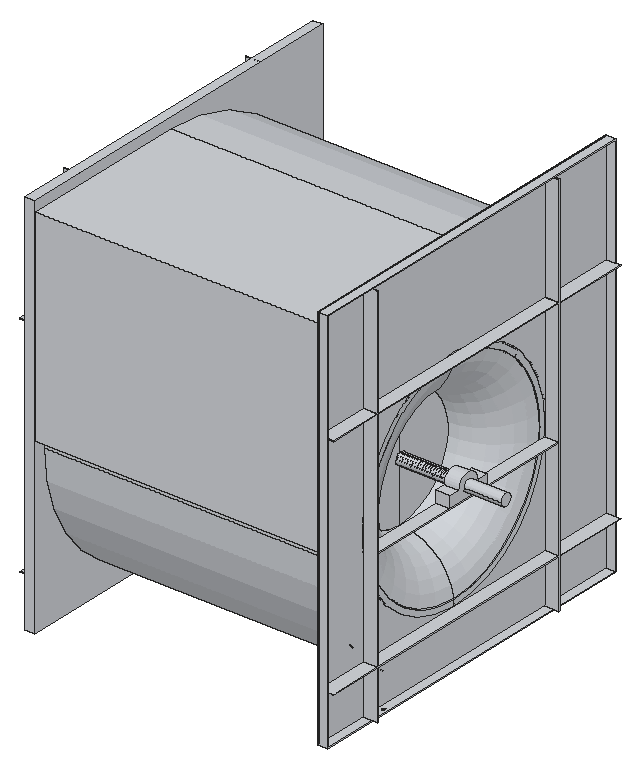
Revit family "CA-4_DWDI_ARR_3_CCW_THD", category Mechanical Equipment, Revit 2019
Family settings
  Round Connector Dimension = Use Radius
  Part Type = Normal
  Work Plane-Based = No
  Always vertical = Yes
  Cut with Voids When Loaded = No
  Shared = No
  Room Calculation Point = No
Parameters (values of type "600_CA-4_DWDI_ARR_3_CCW_THD_CLASS_1")
  T/2 = T / 2  # 17/32"
  T = 1 1/16"
  S = 32"
  P/2 = P / 2  # 44 7/8"
  P = 89 3/4"
  O = 44 7/8"
  N/2 = N / 2  # 1 23/32"
  N*2 = N * 2  # 6 7/8"
  N = 3 7/16"
  ModelID [instance] = ""
  M = 13"
  L = 107 1/2"
  J-.125" = J - 1/8"  # 2 7/8"
  J*1.5 = J * 1.5  # 4 1/2"
  INLET_RAD+1.5" = INLET_RAD + 1 1/2"  # 34 1/2"
  E-(INLET_RAD+1.5") = E - (INLET_RAD + 1 1/2")  # 15 1/4"
  E+(INLET_RAD+1.5") = E + (INLET_RAD + 1 1/2")  # 84 1/4"
  Accessories [instance] = ""
  -M = -M  # -13"
  -J*1.5 = -J * 1.5  # -4 1/2"
  J = 3"
  Unit Weight [instance] = ""
  INLET_RAD/2 = INLET_RAD / 2  # 16 1/2"
  INLET_RAD = INLET_DIA / 2  # 33"
  INLET_DIA = 66"
  H = 3"
  G = 51 5/8"
  Sones [instance] = ""
  F/8 = F / 8  # 13 45/64"
  F/2 = F / 2  # 54 13/16"
  F = 109 5/8"
  Motor RPM [instance] = ""
  Motor Enclosure [instance] = ""
  LwA [instance] = ""
  Fan RPM [instance] = ""
  E = 49 3/4"
  D/2 = D / 2  # 59 1/16"
  D = 118 1/8"
  B/2 = B / 2  # 43 1/8"
  B+.25" = B + 1/4"  # 86 1/2"
  B = 86 1/4"
  A+.25" = A + 1/4"  # 62 7/16"
  A = 62 3/16"
  3" = 3"  # constant formula
  Brake Hp [instance] = ""
  4" = 4"  # constant formula
  2' = 24"
  2" = 2"  # constant formula
  1" = 1"  # constant formula
  0 = 0"  # constant formula
  Voltage [instance] = 0 V
  URL = "www.lorencook.com"
  Type Comments = "Airfoil Centrifugal Blower Arrangement 3 Counter-Clockwise Top Horizontal Discharge"  # constant formula
  Static Pressure [instance] = 0.00 in-wg
  Power [instance] = Voltage * Motor FLA * sqrt(if(Phase = 3, 3, 1))  # 0 VA
  Phase [instance] = 0
  Number of Poles [instance] = 1
  Motor Hp [instance] = "0"
  Motor FLA [instance] = 0 A
  Model = "CA-4 DWDI CCW THD Class 1"
  Manufacturer = "Loren Cook Company"
  CFM [instance] = 0 CFM
  1.5 = 1 1/2"  # constant formula
  ONE EIGTH = 1/8"  # constant formula
  -L+M = -L + M  # -94 1/2"
  -B = -B  # -86 1/4"
  -(B/2)-J = -(B / 2) - J  # -46 1/8"
  -B/2 = -B / 2  # -43 1/8"
  (F/2)-S = (F / 2) - S  # 22 13/16"
  (B/2)+J = (B / 2) + J  # 46 1/8"
Types (55): name | T/2 | T | S | P/2 | P | O | N/2 | N*2 | N | M | L | J-.125" | J*1.5 | INLET_RAD+1.5" | E-(INLET_RAD+1.5") | E+(INLET_RAD+1.5") | -M | -J*1.5 | J | INLET_RAD/2 | INLET_RAD | INLET_DIA | H | G | F/8 | F/2 | F | E | D/2 | D | B/2 | B+.25" | B | A+.25" | A | Model | -L+M | -B | -(B/2)-J | -B/2 | (F/2)-S | (B/2)+J
  (no name) | 17/32" | 1 1/16" | 32" | 44 7/8" | 89 3/4" | 44 7/8" | 1 23/32" | 6 7/8" | 3 7/16" | 13" | 107 1/2" | 2 7/8" | 4 1/2" | 34 1/2" | 15 1/4" | 84 1/4" | -13" | -4 1/2" | 3" | 16 1/2" | 33" | 66" | 3" | 51 5/8" | 13 45/64" | 54 13/16" | 109 5/8" | 49 3/4" | 59 1/16" | 118 1/8" | 43 1/8" | 86 1/2" | 86 1/4" | 62 7/16" | 62 3/16" | "CA-4 DWDI CCW THD Class 1" | -94 1/2" | -86 1/4" | -46 1/8" | -43 1/8" | 22 13/16" | 46 1/8"
  120_CA-4_DWDI_ARR_3_CCW_THD_CLASS_1 | 11/32" | 11/16" | 7 1/2" | 9 31/32" | 19 15/16" | 9 31/32" | 23/32" | 2 7/8" | 1 7/16" | 5 3/4" | 28 11/16" | 1 7/8" | 3" | 9 5/8" | 1 1/8" | 20 3/8" | -5 3/4" | -3" | 2" | 4 1/16" | 8 1/8" | 16 1/4" | 2" | 10 3/8" | 2 27/32" | 11 3/8" | 22 3/4" | 10 3/4" | 12 31/32" | 25 15/16" | 8 27/32" | 17 15/16" | 17 11/16" | 12 3/8" | 12 1/8" | "CA-4 DWDI CCW THD Class 1" | -22 15/16" | -17 11/16" | -10 27/32" | -8 27/32" | 3 7/8" | 10 27/32"
  120_CA-4_DWDI_ARR_3_CCW_THD_CLASS_2 | 11/32" | 11/16" | 7 1/2" | 9 31/32" | 19 15/16" | 9 31/32" | 27/32" | 3 3/8" | 1 11/16" | 6 1/8" | 29 7/16" | 1 7/8" | 3" | 9 5/8" | 1 1/8" | 20 3/8" | -6 1/8" | -3" | 2" | 4 1/16" | 8 1/8" | 16 1/4" | 2" | 10 3/8" | 2 27/32" | 11 3/8" | 22 3/4" | 10 3/4" | 12 31/32" | 25 15/16" | 8 27/32" | 17 15/16" | 17 11/16" | 12 3/8" | 12 1/8" | "CA-4 DWDI CCW THD Class 2" | -23 5/16" | -17 11/16" | -10 27/32" | -8 27/32" | 3 7/8" | 10 27/32"
  120_CA-4_DWDI_ARR_3_CCW_THD_CLASS_3 | 11/32" | 11/16" | 7 1/2" | 9 31/32" | 19 15/16" | 9 31/32" | 31/32" | 3 7/8" | 1 15/16" | 6 3/8" | 29 15/16" | 1 7/8" | 3" | 9 5/8" | 1 1/8" | 20 3/8" | -6 3/8" | -3" | 2" | 4 1/16" | 8 1/8" | 16 1/4" | 2" | 10 3/8" | 2 27/32" | 11 3/8" | 22 3/4" | 10 3/4" | 12 31/32" | 25 15/16" | 8 27/32" | 17 15/16" | 17 11/16" | 12 3/8" | 12 1/8" | "CA-4 DWDI CCW THD Class 3" | -23 9/16" | -17 11/16" | -10 27/32" | -8 27/32" | 3 7/8" | 10 27/32"
  135_CA-4_DWDI_ARR_3_CCW_THD_CLASS_1 | 11/32" | 11/16" | 8 1/2" | 11 3/32" | 22 3/16" | 11 3/32" | 23/32" | 2 7/8" | 1 7/16" | 5 3/4" | 30 15/16" | 1 7/8" | 3" | 10 3/8" | 1 5/8" | 22 3/8" | -5 3/4" | -3" | 2" | 4 7/16" | 8 7/8" | 17 3/4" | 2" | 11 5/8" | 3 3/16" | 12 3/4" | 25 1/2" | 12" | 14 13/32" | 28 13/16" | 9 31/32" | 20 3/16" | 19 15/16" | 13 7/8" | 13 5/8" | "CA-4 DWDI CCW THD Class 1" | -25 3/16" | -19 15/16" | -11 31/32" | -9 31/32" | 4 1/4" | 11 31/32"
  135_CA-4_DWDI_ARR_3_CCW_THD_CLASS_2 | 11/32" | 11/16" | 8 1/2" | 11 3/32" | 22 3/16" | 11 3/32" | 27/32" | 3 3/8" | 1 11/16" | 6 1/8" | 31 11/16" | 1 7/8" | 3" | 10 3/8" | 1 5/8" | 22 3/8" | -6 1/8" | -3" | 2" | 4 7/16" | 8 7/8" | 17 3/4" | 2" | 11 5/8" | 3 3/16" | 12 3/4" | 25 1/2" | 12" | 14 13/32" | 28 13/16" | 9 31/32" | 20 3/16" | 19 15/16" | 13 7/8" | 13 5/8" | "CA-4 DWDI CCW THD Class 2" | -25 9/16" | -19 15/16" | -11 31/32" | -9 31/32" | 4 1/4" | 11 31/32"
  135_CA-4_DWDI_ARR_3_CCW_THD_CLASS_3 | 11/32" | 11/16" | 8 1/2" | 11 3/32" | 22 3/16" | 11 3/32" | 1 3/32" | 4 3/8" | 2 3/16" | 6 5/8" | 32 11/16" | 1 7/8" | 3" | 10 3/8" | 1 5/8" | 22 3/8" | -6 5/8" | -3" | 2" | 4 7/16" | 8 7/8" | 17 3/4" | 2" | 11 5/8" | 3 3/16" | 12 3/4" | 25 1/2" | 12" | 14 13/32" | 28 13/16" | 9 31/32" | 20 3/16" | 19 15/16" | 13 7/8" | 13 5/8" | "CA-4 DWDI CCW THD Class 3" | -26 1/16" | -19 15/16" | -11 31/32" | -9 31/32" | 4 1/4" | 11 31/32"
  150_CA-4_DWDI_ARR_3_CCW_THD_CLASS_1 | 11/32" | 11/16" | 9" | 12 1/8" | 24 1/4" | 12 1/8" | 27/32" | 3 3/8" | 1 11/16" | 6 5/8" | 34 1/4" | 1 7/8" | 3" | 11 1/8" | 2 1/8" | 24 3/8" | -6 5/8" | -3" | 2" | 4 13/16" | 9 5/8" | 19 1/4" | 2" | 12 7/8" | 3 33/64" | 14 1/16" | 28 1/8" | 13 1/4" | 15 27/32" | 31 11/16" | 11" | 22 1/4" | 22" | 15 1/2" | 15 1/4" | "CA-4 DWDI CCW THD Class 1" | -27 5/8" | -22" | -13" | -11" | 5 1/16" | 13"
  150_CA-4_DWDI_ARR_3_CCW_THD_CLASS_2 | 11/32" | 11/16" | 9" | 12 1/8" | 24 1/4" | 12 1/8" | 31/32" | 3 7/8" | 1 15/16" | 6 7/8" | 34 3/4" | 1 7/8" | 3" | 11 1/8" | 2 1/8" | 24 3/8" | -6 7/8" | -3" | 2" | 4 13/16" | 9 5/8" | 19 1/4" | 2" | 12 7/8" | 3 33/64" | 14 1/16" | 28 1/8" | 13 1/4" | 15 27/32" | 31 11/16" | 11" | 22 1/4" | 22" | 15 1/2" | 15 1/4" | "CA-4 DWDI CCW THD Class 2" | -27 7/8" | -22" | -13" | -11" | 5 1/16" | 13"
  150_CA-4_DWDI_ARR_3_CCW_THD_CLASS_3 | 11/32" | 11/16" | 9" | 12 1/8" | 24 1/4" | 12 1/8" | 1 7/32" | 4 7/8" | 2 7/16" | 7 1/4" | 35 1/2" | 1 7/8" | 3" | 11 1/8" | 2 1/8" | 24 3/8" | -7 1/4" | -3" | 2" | 4 13/16" | 9 5/8" | 19 1/4" | 2" | 12 7/8" | 3 33/64" | 14 1/16" | 28 1/8" | 13 1/4" | 15 27/32" | 31 11/16" | 11" | 22 1/4" | 22" | 15 1/2" | 15 1/4" | "CA-4 DWDI CCW THD Class 3" | -28 1/4" | -22" | -13" | -11" | 5 1/16" | 13"
  165_CA-4_DWDI_ARR_3_CCW_THD_CLASS_1 | 11/32" | 11/16" | 10" | 13 1/8" | 26 1/4" | 13 1/8" | 27/32" | 3 3/8" | 1 11/16" | 6 5/8" | 36 1/4" | 1 7/8" | 3" | 12 1/8" | 2 1/4" | 26 1/2" | -6 5/8" | -3" | 2" | 5 5/16" | 10 5/8" | 21 1/4" | 2" | 14 1/4" | 3 55/64" | 15 7/16" | 30 7/8" | 14 3/8" | 17 7/32" | 34 7/16" | 12" | 24 1/4" | 24" | 17 3/16" | 16 15/16" | "CA-4 DWDI CCW THD Class 1" | -29 5/8" | -24" | -14" | -12" | 5 7/16" | 14"
  165_CA-4_DWDI_ARR_3_CCW_THD_CLASS_2 | 11/32" | 11/16" | 10" | 13 1/8" | 26 1/4" | 13 1/8" | 31/32" | 3 7/8" | 1 15/16" | 6 7/8" | 36 3/4" | 1 7/8" | 3" | 12 1/8" | 2 1/4" | 26 1/2" | -6 7/8" | -3" | 2" | 5 5/16" | 10 5/8" | 21 1/4" | 2" | 14 1/4" | 3 55/64" | 15 7/16" | 30 7/8" | 14 3/8" | 17 7/32" | 34 7/16" | 12" | 24 1/4" | 24" | 17 3/16" | 16 15/16" | "CA-4 DWDI CCW THD Class 2" | -29 7/8" | -24" | -14" | -12" | 5 7/16" | 14"
  165_CA-4_DWDI_ARR_3_CCW_THD_CLASS_3 | 11/32" | 11/16" | 10" | 13 1/8" | 26 1/4" | 13 1/8" | 1 7/32" | 4 7/8" | 2 7/16" | 7 3/16" | 37 1/2" | 1 7/8" | 3" | 12 1/8" | 2 1/4" | 26 1/2" | -7 3/16" | -3" | 2" | 5 5/16" | 10 5/8" | 21 1/4" | 2" | 14 1/4" | 3 55/64" | 15 7/16" | 30 7/8" | 14 3/8" | 17 7/32" | 34 7/16" | 12" | 24 1/4" | 24" | 17 3/16" | 16 15/16" | "CA-4 DWDI CCW THD Class 3" | -30 5/16" | -24" | -14" | -12" | 5 7/16" | 14"
  180_CA-4_DWDI_ARR_3_CCW_THD_CLASS_1 | 11/32" | 11/16" | 11" | 14 5/32" | 28 5/16" | 14 5/32" | 27/32" | 3 3/8" | 1 11/16" | 7 1/8" | 38 13/16" | 1 7/8" | 3" | 12 7/8" | 2 3/4" | 28 1/2" | -7 1/8" | -3" | 2" | 5 11/16" | 11 3/8" | 22 3/4" | 2" | 15 1/2" | 4 13/64" | 16 13/16" | 33 5/8" | 15 5/8" | 18 21/32" | 37 5/16" | 13 1/32" | 26 5/16" | 26 1/16" | 18 3/4" | 18 1/2" | "CA-4 DWDI CCW THD Class 1" | -31 11/16" | -26 1/16" | -15 1/32" | -13 1/32" | 5 13/16" | 15 1/32"
  180_CA-4_DWDI_ARR_3_CCW_THD_CLASS_2 | 11/32" | 11/16" | 11" | 14 5/32" | 28 5/16" | 14 5/32" | 31/32" | 3 7/8" | 1 15/16" | 7 3/8" | 39 5/16" | 1 7/8" | 3" | 12 7/8" | 2 3/4" | 28 1/2" | -7 3/8" | -3" | 2" | 5 11/16" | 11 3/8" | 22 3/4" | 2" | 15 1/2" | 4 13/64" | 16 13/16" | 33 5/8" | 15 5/8" | 18 21/32" | 37 5/16" | 13 1/32" | 26 5/16" | 26 1/16" | 18 3/4" | 18 1/2" | "CA-4 DWDI CCW THD Class 2" | -31 15/16" | -26 1/16" | -15 1/32" | -13 1/32" | 5 13/16" | 15 1/32"
  180_CA-4_DWDI_ARR_3_CCW_THD_CLASS_3 | 11/32" | 11/16" | 11" | 14 5/32" | 28 5/16" | 14 5/32" | 1 7/32" | 4 7/8" | 2 7/16" | 7 3/4" | 40 1/16" | 1 7/8" | 3" | 12 7/8" | 2 3/4" | 28 1/2" | -7 3/4" | -3" | 2" | 5 11/16" | 11 3/8" | 22 3/4" | 2" | 15 1/2" | 4 13/64" | 16 13/16" | 33 5/8" | 15 5/8" | 18 21/32" | 37 5/16" | 13 1/32" | 26 5/16" | 26 1/16" | 18 3/4" | 18 1/2" | "CA-4 DWDI CCW THD Class 3" | -32 5/16" | -26 1/16" | -15 1/32" | -13 1/32" | 5 13/16" | 15 1/32"
  195_CA-4_DWDI_ARR_3_CCW_THD_CLASS_1 | 11/32" | 11/16" | 11 1/2" | 15 11/32" | 30 11/16" | 15 11/32" | 31/32" | 3 7/8" | 1 15/16" | 7 1/4" | 41 11/16" | 1 7/8" | 3" | 13 5/8" | 3 1/8" | 30 3/8" | -7 1/4" | -3" | 2" | 6 1/16" | 12 1/8" | 24 1/4" | 2" | 16 3/4" | 4 17/32" | 18 1/8" | 36 1/4" | 16 3/4" | 20 1/32" | 40 1/16" | 14 7/32" | 28 11/16" | 28 7/16" | 19 3/4" | 19 1/2" | "CA-4 DWDI CCW THD Class 1" | -34 7/16" | -28 7/16" | -16 7/32" | -14 7/32" | 6 5/8" | 16 7/32"
  195_CA-4_DWDI_ARR_3_CCW_THD_CLASS_2 | 11/32" | 11/16" | 11 1/2" | 15 11/32" | 30 11/16" | 15 11/32" | 1 3/32" | 4 3/8" | 2 3/16" | 7 5/8" | 42 3/16" | 1 7/8" | 3" | 13 5/8" | 3 1/8" | 30 3/8" | -7 5/8" | -3" | 2" | 6 1/16" | 12 1/8" | 24 1/4" | 2" | 16 3/4" | 4 17/32" | 18 1/8" | 36 1/4" | 16 3/4" | 20 1/32" | 40 1/16" | 14 7/32" | 28 11/16" | 28 7/16" | 19 3/4" | 19 1/2" | "CA-4 DWDI CCW THD Class 2" | -34 9/16" | -28 7/16" | -16 7/32" | -14 7/32" | 6 5/8" | 16 7/32"
  195_CA-4_DWDI_ARR_3_CCW_THD_CLASS_3 | 11/32" | 11/16" | 11 1/2" | 15 11/32" | 30 11/16" | 15 11/32" | 1 11/32" | 5 3/8" | 2 11/16" | 8" | 42 15/16" | 1 7/8" | 3" | 13 5/8" | 3 1/8" | 30 3/8" | -8" | -3" | 2" | 6 1/16" | 12 1/8" | 24 1/4" | 2" | 16 3/4" | 4 17/32" | 18 1/8" | 36 1/4" | 16 3/4" | 20 1/32" | 40 1/16" | 14 7/32" | 28 11/16" | 28 7/16" | 19 3/4" | 19 1/2" | "CA-4 DWDI CCW THD Class 3" | -34 15/16" | -28 7/16" | -16 7/32" | -14 7/32" | 6 5/8" | 16 7/32"
  210_CA-4_DWDI_ARR_3_CCW_THD_CLASS_1 | 15/32" | 15/16" | 12" | 16 5/16" | 32 5/8" | 6 5/16" | 31/32" | 3 7/8" | 1 15/16" | 7 7/8" | 44 1/8" | 1 7/8" | 3" | 14 1/2" | 3 1/2" | 32 1/2" | -7 7/8" | -3" | 2" | 6 1/2" | 13" | 26" | 2" | 18 1/8" | 4 57/64" | 19 9/16" | 39 1/8" | 18" | 21 15/32" | 42 15/16" | 15 3/16" | 30 5/8" | 30 3/8" | 21 7/8" | 21 5/8" | "CA-4 DWDI CCW THD Class 1" | -36 1/4" | -30 3/8" | -17 3/16" | -15 3/16" | 7 9/16" | 17 3/16"
  210_CA-4_DWDI_ARR_3_CCW_THD_CLASS_2 | 15/32" | 15/16" | 12" | 16 5/16" | 32 5/8" | 6 5/16" | 1 3/32" | 4 3/8" | 2 3/16" | 8 1/8" | 44 5/8" | 1 7/8" | 3" | 14 1/2" | 3 1/2" | 32 1/2" | -8 1/8" | -3" | 2" | 6 1/2" | 13" | 26" | 2" | 18 1/8" | 4 57/64" | 19 9/16" | 39 1/8" | 18" | 21 15/32" | 42 15/16" | 15 3/16" | 30 5/8" | 30 3/8" | 21 7/8" | 21 5/8" | "CA-4 DWDI CCW THD Class 2" | -36 1/2" | -30 3/8" | -17 3/16" | -15 3/16" | 7 9/16" | 17 3/16"
  210_CA-4_DWDI_ARR_3_CCW_THD_CLASS_3 | 15/32" | 15/16" | 12" | 16 5/16" | 32 5/8" | 6 5/16" | 1 11/32" | 5 3/8" | 2 11/16" | 8 1/2" | 45 3/8" | 1 7/8" | 3" | 14 1/2" | 3 1/2" | 32 1/2" | -8 1/2" | -3" | 2" | 6 1/2" | 13" | 26" | 2" | 18 1/8" | 4 57/64" | 19 9/16" | 39 1/8" | 18" | 21 15/32" | 42 15/16" | 15 3/16" | 30 5/8" | 30 3/8" | 21 7/8" | 21 5/8" | "CA-4 DWDI CCW THD Class 3" | -36 7/8" | -30 3/8" | -17 3/16" | -15 3/16" | 7 9/16" | 17 3/16"
  225_CA-4_DWDI_ARR_3_CCW_THD_CLASS_1 | 15/32" | 15/16" | 12 1/2" | 17 3/8" | 34 3/4" | 17 3/8" | 31/32" | 3 7/8" | 1 15/16" | 7 7/8" | 46 1/4" | 1 7/8" | 3" | 15 1/4" | 4" | 34 1/2" | -7 7/8" | -3" | 2" | 6 7/8" | 13 3/4" | 27 1/2" | 2" | 19 3/8" | 5 7/32" | 20 7/8" | 41 3/4" | 19 1/4" | 22 29/32" | 45 13/16" | 16 1/4" | 32 3/4" | 32 1/2" | 23 7/16" | 23 3/16" | "CA-4 DWDI CCW THD Class 1" | -38 3/8" | -32 1/2" | -18 1/4" | -16 1/4" | 8 3/8" | 18 1/4"
  225_CA-4_DWDI_ARR_3_CCW_THD_CLASS_2 | 15/32" | 15/16" | 12 1/2" | 17 3/8" | 34 3/4" | 17 3/8" | 1 7/32" | 4 7/8" | 2 7/16" | 8 1/4" | 47" | 1 7/8" | 3" | 15 1/4" | 4" | 34 1/2" | -8 1/4" | -3" | 2" | 6 7/8" | 13 3/4" | 27 1/2" | 2" | 19 3/8" | 5 7/32" | 20 7/8" | 41 3/4" | 19 1/4" | 22 29/32" | 45 13/16" | 16 1/4" | 32 3/4" | 32 1/2" | 23 7/16" | 23 3/16" | "CA-4 DWDI CCW THD Class 2" | -38 3/4" | -32 1/2" | -18 1/4" | -16 1/4" | 8 3/8" | 18 1/4"
  225_CA-4_DWDI_ARR_3_CCW_THD_CLASS_3 | 15/32" | 15/16" | 12 1/2" | 17 3/8" | 34 3/4" | 17 3/8" | 1 15/32" | 5 7/8" | 2 15/16" | 8 1/2" | 47 1/2" | 1 7/8" | 3" | 15 1/4" | 4" | 34 1/2" | -8 1/2" | -3" | 2" | 6 7/8" | 13 3/4" | 27 1/2" | 2" | 19 3/8" | 5 7/32" | 20 7/8" | 41 3/4" | 19 1/4" | 22 29/32" | 45 13/16" | 16 1/4" | 32 3/4" | 32 1/2" | 23 7/16" | 23 3/16" | "CA-4 DWDI CCW THD Class 3" | -39" | -32 1/2" | -18 1/4" | -16 1/4" | 8 3/8" | 18 1/4"
  245_CA-4_DWDI_ARR_3_CCW_THD_CLASS_1 | 15/32" | 15/16" | 12 1/2" | 18 21/32" | 37 5/16" | 18 21/32" | 1 3/32" | 4 3/8" | 2 3/16" | 8 5/8" | 49 13/16" | 1 7/8" | 3" | 16 1/4" | 4 5/8" | 37 1/8" | -8 5/8" | -3" | 2" | 7 3/8" | 14 3/4" | 29 1/2" | 2" | 21 1/8" | 5 43/64" | 22 11/16" | 45 3/8" | 20 7/8" | 24 13/16" | 49 5/8" | 17 17/32" | 35 5/16" | 35 1/16" | 25 3/4" | 25 1/2" | "CA-4 DWDI CCW THD Class 1" | -41 3/16" | -35 1/16" | -19 17/32" | -17 17/32" | 10 3/16" | 19 17/32"
  245_CA-4_DWDI_ARR_3_CCW_THD_CLASS_2 | 15/32" | 15/16" | 12 1/2" | 18 21/32" | 37 5/16" | 18 21/32" | 1 7/32" | 4 7/8" | 2 7/16" | 8 3/4" | 50 1/16" | 1 7/8" | 3" | 16 1/4" | 4 5/8" | 37 1/8" | -8 3/4" | -3" | 2" | 7 3/8" | 14 3/4" | 29 1/2" | 2" | 21 1/8" | 5 43/64" | 22 11/16" | 45 3/8" | 20 7/8" | 24 13/16" | 49 5/8" | 17 17/32" | 35 5/16" | 35 1/16" | 25 3/4" | 25 1/2" | "CA-4 DWDI CCW THD Class 2" | -41 5/16" | -35 1/16" | -19 17/32" | -17 17/32" | 10 3/16" | 19 17/32"
  245_CA-4_DWDI_ARR_3_CCW_THD_CLASS_3 | 15/32" | 15/16" | 12 1/2" | 18 21/32" | 37 5/16" | 18 21/32" | 1 3/32" | 4 3/8" | 2 3/16" | 8 3/4" | 50 11/16" | 1 7/8" | 3" | 16 1/4" | 4 5/8" | 37 1/8" | -8 3/4" | -3" | 2" | 7 3/8" | 14 3/4" | 29 1/2" | 2" | 21 1/8" | 5 43/64" | 22 11/16" | 45 3/8" | 20 7/8" | 24 13/16" | 49 5/8" | 17 17/32" | 35 5/16" | 35 1/16" | 25 3/4" | 25 1/2" | "CA-4 DWDI CCW THD Class 3" | -41 15/16" | -35 1/16" | -19 17/32" | -17 17/32" | 10 3/16" | 19 17/32"
  270_CA-4_DWDI_ARR_3_CCW_THD_CLASS_1 | 15/32" | 15/16" | 15" | 20 27/32" | 41 11/16" | 20 27/32" | 1 3/32" | 4 3/8" | 2 3/16" | 8 5/8" | 54 3/16" | 1 7/8" | 3" | 17 1/2" | 5 7/8" | 40 7/8" | -8 5/8" | -3" | 2" | 8" | 16" | 32" | 2" | 23 1/4" | 6 15/64" | 24 15/16" | 49 7/8" | 23 3/8" | 27 7/16" | 54 7/8" | 19 23/32" | 39 11/16" | 39 7/16" | 27 3/4" | 27 1/2" | "CA-4 DWDI CCW THD Class 1" | -45 9/16" | -39 7/16" | -21 23/32" | -19 23/32" | 9 15/16" | 21 23/32"
  270_CA-4_DWDI_ARR_3_CCW_THD_CLASS_2 | 15/32" | 15/16" | 15" | 20 27/32" | 41 11/16" | 20 27/32" | 1 11/32" | 5 3/8" | 2 11/16" | 9" | 54 15/16" | 1 7/8" | 3" | 17 1/2" | 5 7/8" | 40 7/8" | -9" | -3" | 2" | 8" | 16" | 32" | 2" | 23 1/4" | 6 15/64" | 24 15/16" | 49 7/8" | 23 3/8" | 27 7/16" | 54 7/8" | 19 23/32" | 39 11/16" | 39 7/16" | 27 3/4" | 27 1/2" | "CA-4 DWDI CCW THD Class 2" | -45 15/16" | -39 7/16" | -21 23/32" | -19 23/32" | 9 15/16" | 21 23/32"
  270_CA-4_DWDI_ARR_3_CCW_THD_CLASS_3 | 15/32" | 15/16" | 15" | 20 27/32" | 41 11/16" | 20 27/32" | 1 3/32" | 4 3/8" | 2 3/16" | 8 3/4" | 55 1/16" | 1 7/8" | 3" | 17 1/2" | 5 7/8" | 40 7/8" | -8 3/4" | -3" | 2" | 8" | 16" | 32" | 2" | 23 1/4" | 6 15/64" | 24 15/16" | 49 7/8" | 23 3/8" | 27 7/16" | 54 7/8" | 19 23/32" | 39 11/16" | 39 7/16" | 27 3/4" | 27 1/2" | "CA-4 DWDI CCW THD Class 3" | -46 5/16" | -39 7/16" | -21 23/32" | -19 23/32" | 9 15/16" | 21 23/32"
  300_CA-4_DWDI_ARR_3_CCW_THD_CLASS_1 | 15/32" | 15/16" | 16 1/2" | 22 5/8" | 45 1/4" | 22 5/8" | 1 7/32" | 4 7/8" | 2 7/16" | 9 1/4" | 58 1/2" | 1 7/8" | 3" | 19" | 6 3/8" | 44 3/8" | -9 1/4" | -3" | 2" | 8 3/4" | 17 1/2" | 35" | 2" | 25 7/8" | 6 59/64" | 27 11/16" | 55 3/8" | 25 3/8" | 30 1/16" | 60 1/8" | 21 1/2" | 43 1/4" | 43" | 31 7/16" | 31 3/16" | "CA-4 DWDI CCW THD Class 1" | -49 1/4" | -43" | -23 1/2" | -21 1/2" | 11 3/16" | 23 1/2"
  300_CA-4_DWDI_ARR_3_CCW_THD_CLASS_2 | 15/32" | 15/16" | 16 1/2" | 22 5/8" | 45 1/4" | 22 5/8" | 1 11/32" | 5 3/8" | 2 11/16" | 9 1/2" | 59" | 1 7/8" | 3" | 19" | 6 3/8" | 44 3/8" | -9 1/2" | -3" | 2" | 8 3/4" | 17 1/2" | 35" | 2" | 25 7/8" | 6 59/64" | 27 11/16" | 55 3/8" | 25 3/8" | 30 1/16" | 60 1/8" | 21 1/2" | 43 1/4" | 43" | 31 7/16" | 31 3/16" | "CA-4 DWDI CCW THD Class 2" | -49 1/2" | -43" | -23 1/2" | -21 1/2" | 11 3/16" | 23 1/2"
  300_CA-4_DWDI_ARR_3_CCW_THD_CLASS_3 | 15/32" | 15/16" | 16 1/2" | 22 5/8" | 45 1/4" | 22 5/8" | 1 7/32" | 4 7/8" | 2 7/16" | 9 1/2" | 59 3/8" | 1 7/8" | 3" | 19" | 6 3/8" | 44 3/8" | -9 1/2" | -3" | 2" | 8 3/4" | 17 1/2" | 35" | 2" | 25 7/8" | 6 59/64" | 27 11/16" | 55 3/8" | 25 3/8" | 30 1/16" | 60 1/8" | 21 1/2" | 43 1/4" | 43" | 31 7/16" | 31 3/16" | "CA-4 DWDI CCW THD Class 3" | -49 7/8" | -43" | -23 1/2" | -21 1/2" | 11 3/16" | 23 1/2"
  330_CA-4_DWDI_ARR_3_CCW_THD_CLASS_1 | 15/32" | 15/16" | 18" | 24 21/32" | 49 5/16" | 24 21/32" | 1 11/32" | 5 3/8" | 2 11/16" | 10 1/16" | 63 9/16" | 1 7/8" | 3" | 20 1/2" | 7 3/8" | 48 3/8" | -10 1/16" | -3" | 2" | 9 1/2" | 19" | 38" | 2" | 28 3/8" | 7 19/32" | 30 3/8" | 60 3/4" | 27 7/8" | 32 31/32" | 65 15/16" | 23 17/32" | 47 5/16" | 47 1/16" | 34 3/4" | 34 1/2" | "CA-4 DWDI CCW THD Class 1" | -53 1/2" | -47 1/16" | -25 17/32" | -23 17/32" | 12 3/8" | 25 17/32"
  330_CA-4_DWDI_ARR_3_CCW_THD_CLASS_2 | 15/32" | 15/16" | 18" | 24 21/32" | 49 5/16" | 24 21/32" | 1 3/32" | 4 3/8" | 2 3/16" | 9 5/8" | 63 11/16" | 1 7/8" | 3" | 20 1/2" | 7 3/8" | 48 3/8" | -9 5/8" | -3" | 2" | 9 1/2" | 19" | 38" | 2" | 28 3/8" | 7 19/32" | 30 3/8" | 60 3/4" | 27 7/8" | 32 31/32" | 65 15/16" | 23 17/32" | 47 5/16" | 47 1/16" | 34 3/4" | 34 1/2" | "CA-4 DWDI CCW THD Class 2" | -54 1/16" | -47 1/16" | -25 17/32" | -23 17/32" | 12 3/8" | 25 17/32"
  330_CA-4_DWDI_ARR_3_CCW_THD_CLASS_3 | 15/32" | 15/16" | 18" | 24 21/32" | 49 5/16" | 24 21/32" | 1 7/32" | 4 7/8" | 2 7/16" | 10" | 63 15/16" | 1 7/8" | 3" | 20 1/2" | 7 3/8" | 48 3/8" | -10" | -3" | 2" | 9 1/2" | 19" | 38" | 2" | 28 3/8" | 7 19/32" | 30 3/8" | 60 3/4" | 27 7/8" | 32 31/32" | 65 15/16" | 23 17/32" | 47 5/16" | 47 1/16" | 34 3/4" | 34 1/2" | "CA-4 DWDI CCW THD Class 3" | -53 15/16" | -47 1/16" | -25 17/32" | -23 17/32" | 12 3/8" | 25 17/32"
  365_CA-4_DWDI_ARR_3_CCW_THD_CLASS_1 | 15/32" | 15/16" | 20" | 27 7/32" | 54 7/16" | 27 7/32" | 1 3/32" | 4 3/8" | 2 3/16" | 10 5/16" | 69 5/16" | 1 7/8" | 3" | 22 1/4" | 8 3/8" | 52 7/8" | -10 5/16" | -3" | 2" | 10 3/8" | 20 3/4" | 41 1/2" | 2" | 31 3/8" | 8 3/8" | 33 1/2" | 67" | 30 5/8" | 36 1/4" | 72 1/2" | 26 3/32" | 52 7/16" | 52 3/16" | 38 15/16" | 38 11/16" | "CA-4 DWDI CCW THD Class 1" | -59" | -52 3/16" | -28 3/32" | -26 3/32" | 13 1/2" | 28 3/32"
  365_CA-4_DWDI_ARR_3_CCW_THD_CLASS_2 | 15/32" | 15/16" | 20" | 27 7/32" | 54 7/16" | 27 7/32" | 1 7/32" | 4 7/8" | 2 7/16" | 10 1/2" | 69 9/16" | 1 7/8" | 3" | 22 1/4" | 8 3/8" | 52 7/8" | -10 1/2" | -3" | 2" | 10 3/8" | 20 3/4" | 41 1/2" | 2" | 31 3/8" | 8 3/8" | 33 1/2" | 67" | 30 5/8" | 36 1/4" | 72 1/2" | 26 3/32" | 52 7/16" | 52 3/16" | 38 15/16" | 38 11/16" | "CA-4 DWDI CCW THD Class 2" | -59 1/16" | -52 3/16" | -28 3/32" | -26 3/32" | 13 1/2" | 28 3/32"
  365_CA-4_DWDI_ARR_3_CCW_THD_CLASS_3 | 15/32" | 15/16" | 20" | 27 7/32" | 54 7/16" | 27 7/32" | 1 11/32" | 5 3/8" | 2 11/16" | 10 1/2" | 70 1/16" | 1 7/8" | 3" | 22 1/4" | 8 3/8" | 52 7/8" | -10 1/2" | -3" | 2" | 10 3/8" | 20 3/4" | 41 1/2" | 2" | 31 3/8" | 8 3/8" | 33 1/2" | 67" | 30 5/8" | 36 1/4" | 72 1/2" | 26 3/32" | 52 7/16" | 52 3/16" | 38 15/16" | 38 11/16" | "CA-4 DWDI CCW THD Class 3" | -59 9/16" | -52 3/16" | -28 3/32" | -26 3/32" | 13 1/2" | 28 3/32"
  402_CA-4_DWDI_ARR_3_CCW_THD_CLASS_1 | 17/32" | 1 1/16" | 22" | 30 21/32" | 61 5/16" | 30 21/32" | 1 7/32" | 4 7/8" | 2 7/16" | 10" | 75 11/16" | 2 7/8" | 4 1/2" | 24 1/8" | 9 1/2" | 57 3/4" | -10" | -4 1/2" | 3" | 11 5/16" | 22 5/8" | 45 1/4" | 3" | 34 5/8" | 9 15/64" | 36 15/16" | 73 7/8" | 33 5/8" | 40 9/32" | 80 9/16" | 28 29/32" | 58 1/16" | 57 13/16" | 42" | 41 3/4" | "CA-4 DWDI CCW THD Class 1" | -65 11/16" | -57 13/16" | -31 29/32" | -28 29/32" | 14 15/16" | 31 29/32"
  402_CA-4_DWDI_ARR_3_CCW_THD_CLASS_2 | 17/32" | 1 1/16" | 22" | 30 21/32" | 61 5/16" | 30 21/32" | 1 7/32" | 4 7/8" | 2 7/16" | 10" | 75 11/16" | 2 7/8" | 4 1/2" | 24 1/8" | 9 1/2" | 57 3/4" | -10" | -4 1/2" | 3" | 11 5/16" | 22 5/8" | 45 1/4" | 3" | 34 5/8" | 9 15/64" | 36 15/16" | 73 7/8" | 33 5/8" | 40 9/32" | 80 9/16" | 28 29/32" | 58 1/16" | 57 13/16" | 42" | 41 3/4" | "CA-4 DWDI CCW THD Class 2" | -65 11/16" | -57 13/16" | -31 29/32" | -28 29/32" | 14 15/16" | 31 29/32"
  402_CA-4_DWDI_ARR_3_CCW_THD_CLASS_3 | 17/32" | 1 1/16" | 22" | 30 21/32" | 61 5/16" | 30 21/32" | 1 11/32" | 5 3/8" | 2 11/16" | 10 1/2" | 76 3/16" | 2 7/8" | 4 1/2" | 24 1/8" | 9 1/2" | 57 3/4" | -10 1/2" | -4 1/2" | 3" | 11 5/16" | 22 5/8" | 45 1/4" | 3" | 34 5/8" | 9 15/64" | 36 15/16" | 73 7/8" | 33 5/8" | 40 9/32" | 80 9/16" | 28 29/32" | 58 1/16" | 57 13/16" | 42" | 41 3/4" | "CA-4 DWDI CCW THD Class 3" | -65 11/16" | -57 13/16" | -31 29/32" | -28 29/32" | 14 15/16" | 31 29/32"
  445_CA-4_DWDI_ARR_3_CCW_THD_CLASS_1 | 17/32" | 1 1/16" | 24" | 33 7/8" | 67 3/4" | 33 7/8" | 1 7/32" | 4 7/8" | 2 7/16" | 10 5/8" | 82 5/8" | 2 7/8" | 4 1/2" | 26 1/4" | 10 7/8" | 63 3/8" | -10 5/8" | -4 1/2" | 3" | 12 3/8" | 24 3/4" | 49 1/2" | 3" | 38 1/4" | 10 3/16" | 40 3/4" | 81 1/2" | 37 1/8" | 44 11/32" | 88 11/16" | 32 1/8" | 64 1/2" | 64 1/4" | 46 3/16" | 45 15/16" | "CA-4 DWDI CCW THD Class 1" | -72" | -64 1/4" | -35 1/8" | -32 1/8" | 16 3/4" | 35 1/8"
  445_CA-4_DWDI_ARR_3_CCW_THD_CLASS_2 | 17/32" | 1 1/16" | 24" | 33 7/8" | 67 3/4" | 33 7/8" | 1 11/32" | 5 3/8" | 2 11/16" | 11" | 83 1/2" | 2 7/8" | 4 1/2" | 26 1/4" | 10 7/8" | 63 3/8" | -11" | -4 1/2" | 3" | 12 3/8" | 24 3/4" | 49 1/2" | 3" | 38 1/4" | 10 3/16" | 40 3/4" | 81 1/2" | 37 1/8" | 44 11/32" | 88 11/16" | 32 1/8" | 64 1/2" | 64 1/4" | 46 3/16" | 45 15/16" | "CA-4 DWDI CCW THD Class 2" | -72 1/2" | -64 1/4" | -35 1/8" | -32 1/8" | 16 3/4" | 35 1/8"
  445_CA-4_DWDI_ARR_3_CCW_THD_CLASS_3 | 17/32" | 1 1/16" | 24" | 33 7/8" | 67 3/4" | 33 7/8" | 1 15/32" | 5 7/8" | 2 15/16" | 11" | 83 1/2" | 2 7/8" | 4 1/2" | 26 1/4" | 10 7/8" | 63 3/8" | -11" | -4 1/2" | 3" | 12 3/8" | 24 3/4" | 49 1/2" | 3" | 38 1/4" | 10 3/16" | 40 3/4" | 81 1/2" | 37 1/8" | 44 11/32" | 88 11/16" | 32 1/8" | 64 1/2" | 64 1/4" | 46 3/16" | 45 15/16" | "CA-4 DWDI CCW THD Class 3" | -72 1/2" | -64 1/4" | -35 1/8" | -32 1/8" | 16 3/4" | 35 1/8"
  490_CA-4_DWDI_ARR_3_CCW_THD_CLASS_1 | 17/32" | 1 1/16" | 26 1/2" | 36 13/16" | 73 5/8" | 36 13/16" | 1 15/32" | 5 7/8" | 2 15/16" | 11 1/2" | 89 1/2" | 2 7/8" | 4 1/2" | 29" | 11 3/4" | 69 3/4" | -11 1/2" | -4 1/2" | 3" | 13 3/4" | 27 1/2" | 55" | 3" | 42 1/4" | 11 7/32" | 44 7/8" | 89 3/4" | 40 3/4" | 48 19/32" | 97 3/16" | 35 1/16" | 70 3/8" | 70 1/8" | 51 1/4" | 51" | "CA-4 DWDI CCW THD Class 1" | -78" | -70 1/8" | -38 1/16" | -35 1/16" | 18 3/8" | 38 1/16"
  490_CA-4_DWDI_ARR_3_CCW_THD_CLASS_2 | 17/32" | 1 1/16" | 26 1/2" | 36 13/16" | 73 5/8" | 36 13/16" | 1 23/32" | 6 7/8" | 3 7/16" | 12" | 90 3/8" | 2 7/8" | 4 1/2" | 29" | 11 3/4" | 69 3/4" | -12" | -4 1/2" | 3" | 13 3/4" | 27 1/2" | 55" | 3" | 42 1/4" | 11 7/32" | 44 7/8" | 89 3/4" | 40 3/4" | 48 19/32" | 97 3/16" | 35 1/16" | 70 3/8" | 70 1/8" | 51 1/4" | 51" | "CA-4 DWDI CCW THD Class 2" | -78 3/8" | -70 1/8" | -38 1/16" | -35 1/16" | 18 3/8" | 38 1/16"
  490_CA-4_DWDI_ARR_3_CCW_THD_CLASS_3 | 17/32" | 1 1/16" | 26 1/2" | 36 13/16" | 73 5/8" | 36 13/16" | 1 23/32" | 6 7/8" | 3 7/16" | 12" | 90 5/8" | 2 7/8" | 4 1/2" | 29" | 11 3/4" | 69 3/4" | -12" | -4 1/2" | 3" | 13 3/4" | 27 1/2" | 55" | 3" | 42 1/4" | 11 7/32" | 44 7/8" | 89 3/4" | 40 3/4" | 48 19/32" | 97 3/16" | 35 1/16" | 70 3/8" | 70 1/8" | 51 1/4" | 51" | "CA-4 DWDI CCW THD Class 3" | -78 5/8" | -70 1/8" | -38 1/16" | -35 1/16" | 18 3/8" | 38 1/16"
  540_CA-4_DWDI_ARR_3_CCW_THD_CLASS_1 | 17/32" | 1 1/16" | 29" | 40 23/32" | 81 7/16" | 40 23/32" | 1 23/32" | 6 7/8" | 3 7/16" | 12 7/16" | 98 5/16" | 2 7/8" | 4 1/2" | 31 1/2" | 13 3/8" | 76 3/8" | -12 7/16" | -4 1/2" | 3" | 15" | 30" | 60" | 3" | 46 1/2" | 12 11/32" | 49 3/8" | 98 3/4" | 44 7/8" | 53 3/8" | 106 3/4" | 38 31/32" | 78 3/16" | 77 15/16" | 56" | 55 3/4" | "CA-4 DWDI CCW THD Class 1" | -85 7/8" | -77 15/16" | -41 31/32" | -38 31/32" | 20 3/8" | 41 31/32"
  540_CA-4_DWDI_ARR_3_CCW_THD_CLASS_2 | 17/32" | 1 1/16" | 29" | 40 23/32" | 81 7/16" | 40 23/32" | 1 31/32" | 7 7/8" | 3 15/16" | 13 3/4" | 98 5/16" | 2 7/8" | 4 1/2" | 31 1/2" | 13 3/8" | 76 3/8" | -13 3/4" | -4 1/2" | 3" | 15" | 30" | 60" | 3" | 46 1/2" | 12 11/32" | 49 3/8" | 98 3/4" | 44 7/8" | 53 3/8" | 106 3/4" | 38 31/32" | 78 3/16" | 77 15/16" | 56" | 55 3/4" | "CA-4 DWDI CCW THD Class 2" | -84 9/16" | -77 15/16" | -41 31/32" | -38 31/32" | 20 3/8" | 41 31/32"
  540_CA-4_DWDI_ARR_3_CCW_THD_CLASS_3 | 17/32" | 1 1/16" | 29" | 40 23/32" | 81 7/16" | 40 23/32" | 1 31/32" | 7 7/8" | 3 15/16" | 14 3/16" | 100 3/16" | 2 7/8" | 4 1/2" | 31 1/2" | 13 3/8" | 76 3/8" | -14 3/16" | -4 1/2" | 3" | 15" | 30" | 60" | 3" | 46 1/2" | 12 11/32" | 49 3/8" | 98 3/4" | 44 7/8" | 53 3/8" | 106 3/4" | 38 31/32" | 78 3/16" | 77 15/16" | 56" | 55 3/4" | "CA-4 DWDI CCW THD Class 3" | -86" | -77 15/16" | -41 31/32" | -38 31/32" | 20 3/8" | 41 31/32"
  600_CA-4_DWDI_ARR_3_CCW_THD_CLASS_1 | 17/32" | 1 1/16" | 32" | 44 7/8" | 89 3/4" | 44 7/8" | 1 23/32" | 6 7/8" | 3 7/16" | 13" | 107 1/2" | 2 7/8" | 4 1/2" | 34 1/2" | 15 1/4" | 84 1/4" | -13" | -4 1/2" | 3" | 16 1/2" | 33" | 66" | 3" | 51 5/8" | 13 45/64" | 54 13/16" | 109 5/8" | 49 3/4" | 59 1/16" | 118 1/8" | 43 1/8" | 86 1/2" | 86 1/4" | 62 7/16" | 62 3/16" | "CA-4 DWDI CCW THD Class 1" | -94 1/2" | -86 1/4" | -46 1/8" | -43 1/8" | 22 13/16" | 46 1/8"
  600_CA-4_DWDI_ARR_3_CCW_THD_CLASS_2 | 17/32" | 1 1/16" | 32" | 44 7/8" | 89 3/4" | 44 7/8" | 1 31/32" | 7 7/8" | 3 15/16" | 14 1/4" | 108 3/4" | 2 7/8" | 4 1/2" | 34 1/2" | 15 1/4" | 84 1/4" | -14 1/4" | -4 1/2" | 3" | 16 1/2" | 33" | 66" | 3" | 51 5/8" | 13 45/64" | 54 13/16" | 109 5/8" | 49 3/4" | 59 1/16" | 118 1/8" | 43 1/8" | 86 1/2" | 86 1/4" | 62 7/16" | 62 3/16" | "CA-4 DWDI CCW THD Class 2" | -94 1/2" | -86 1/4" | -46 1/8" | -43 1/8" | 22 13/16" | 46 1/8"
  600_CA-4_DWDI_ARR_3_CCW_THD_CLASS_3 | 17/32" | 1 1/16" | 32" | 44 7/8" | 89 3/4" | 44 7/8" | 2 7/32" | 8 7/8" | 4 7/16" | 14 3/4" | 110 3/4" | 2 7/8" | 4 1/2" | 34 1/2" | 15 1/4" | 84 1/4" | -14 3/4" | -4 1/2" | 3" | 16 1/2" | 33" | 66" | 3" | 51 5/8" | 13 45/64" | 54 13/16" | 109 5/8" | 49 3/4" | 59 1/16" | 118 1/8" | 43 1/8" | 86 1/2" | 86 1/4" | 62 7/16" | 62 3/16" | "CA-4 DWDI CCW THD Class 3" | -96" | -86 1/4" | -46 1/8" | -43 1/8" | 22 13/16" | 46 1/8"
Reference planes (in)
  plane 1 "Center (Front/Back)": y = 0
  plane 2: z = 0
  plane 3 "Center (Left/Right)": x = 0.40541
Forms (in)
  Extrusion 1, solid
    sketch origin (0.40541, 0, 0) x (0, 1, 0) y (0, 0, 1)
      loop
        line (58, 118.125) -> (-51.625, 118.125) -> (-51.625, 0) -> (58, 0) -> (58, 118.125)
    from 46.125 <- "(B/2)+J" to 43.125 <- "B/2"
  Extrusion 2, solid
    sketch origin (0.40541, 0, 0) x (0, 1, 0) y (0, 0, 1)
      loop
        line (58, 118.125) -> (-51.625, 118.125) -> (-51.625, 0) -> (58, 0) -> (58, 118.125)
    from -43.125 <- "-B/2" to -46.125 <- "-(B/2)-J"
  Extrusion 3, void
    sketch origin (46.53041, 0, 0) x (0, -1, 0) y (0, 0, 1)
      loop
        line (51.5, 118) -> (-57.875, 118) -> (-57.875, 0.125) -> (51.5, 0.125) -> (51.5, 118)
    from 0 to 2.875 <- "J-.125""
  Extrusion 4, void
    sketch origin (-45.71959, 0, 0) x (0, 1, 0) y (0, 0, 1)
      loop
        line (57.875, 118) -> (-51.5, 118) -> (-51.5, 0.125) -> (57.875, 0.125) -> (57.875, 118)
    from 0 to 2.875 <- "J-.125""
  Extrusion 5, solid
    sketch origin (46.53041, 0, 0) x (0, 1, 0) y (0, 0, 1)
      loop
        circle (0, 49.75) r 1.71875
    from 13 <- "M" to -94.5 <- "-L+M"
  Extrusion 6, solid
    sketch origin (43.53041, 0, 0) x (0, -1, 0) y (0, 0, 1)
      loop
        arc (0, 115.125) -> (-40.30509, 98.43009) -> (-57, 58.125) r 57
        line (-57, 58.125) -> (-57, 52.6875)
        arc (-57, 52.6875) -> (-41.86108, 16.13892) -> (-5.3125, 1) r 51.6875
        line (-5.3125, 1) -> (-0.0625, 1)
        arc (-0.0625, 1) -> (34.0554, 15.1321) -> (48.1875, 49.25) r 48.25
        line (48.1875, 49.25) -> (48.1875, 52.6875) -> (51.625, 52.6875) -> (51.625, 115.125) -> (0, 115.125)
    from 0 to 86.25 <- "B"
  Revolve 7, void
    sketch origin (0, 0, 0) x (1, 0, 0) y (0, 0, 1)
      loop
        line (-42.84459, 84.46875) -> (-42.84459, 51.46875) -> (-26.34459, 51.46875) -> (-26.34459, 67.96875)
        arc (-26.34459, 67.96875) -> (-38.01185, 72.80149) -> (-42.84459, 84.46875) r 16.5
      loop
        line (27.15541, 67.96875) -> (27.15541, 51.46875) -> (43.65541, 51.46875) -> (43.65541, 84.46875)
        arc (43.65541, 84.46875) -> (38.82267, 72.80149) -> (27.15541, 67.96875) r 16.5
      axis (-42.84459, 49.75) -> (43.65541, 49.75)
    angle from 0 to 360
  Extrusion 8, solid
    sketch origin (43.53041, 0, 0) x (0, -1, 0) y (0, 0, 1)
      loop
        line (6.875, 49.75) -> (3.4375, 49.75)
        arc (3.4375, 49.75) -> (0, 53.1875) -> (-3.4375, 49.75) r 3.4375
        line (-3.4375, 49.75) -> (-6.875, 49.75) -> (-6.875, 46.3125) -> (6.875, 46.3125) -> (6.875, 49.75)
      loop
        circle (0, 49.75) r 1.71875
    from 0 to -4.5 <- "-J*1.5"
  Extrusion 9, solid
    sketch origin (-42.71959, 0, 0) x (0, 1, 0) y (0, 0, 1)
      loop
        line (6.875, 46.3125) -> (6.875, 49.75) -> (3.4375, 49.75)
        arc (3.4375, 49.75) -> (0, 53.1875) -> (-3.4375, 49.75) r 3.4375
        line (-3.4375, 49.75) -> (-6.875, 49.75) -> (-6.875, 46.3125) -> (6.875, 46.3125)
      loop
        circle (0, 49.75) r 1.71875
    from 0 to -4.5 <- "-J*1.5"
  Extrusion 10, solid
    sketch origin (-42.84459, 0, 0) x (0, -1, 0) y (0, 0, 1)
      loop
        line (-34.625, 84.375) -> (-57.875, 84.375) -> (-57.875, 84.25) -> (-34.625, 84.25) -> (-34.625, 15.25) -> (-57.875, 15.25) -> (-57.875, 15.125) -> (-34.625, 15.125) -> (-34.625, 0.125) -> (-34.5, 0.125) -> (-34.5, 15.125) -> (34.5, 15.125) -> (34.5, 0.125) -> (34.625, 0.125) -> (34.625, 15.125) -> (51.5, 15.125) -> (51.5, 15.25) -> (34.625, 15.25) -> (34.625, 84.25) -> (51.5, 84.25) -> (51.5, 84.375) -> (34.625, 84.375) -> (34.625, 118) -> (34.5, 118) -> (34.5, 84.375) -> (-34.5, 84.375) -> (-34.5, 118) -> (-34.625, 118) -> (-34.625, 84.375)
      loop
        line (-34.5, 84.25) -> (-34.5, 15.25) -> (34.5, 15.25) -> (34.5, 84.25) -> (-34.5, 84.25)
    from 0 to 4.5 <- "J*1.5"
  Extrusion 11, solid
    sketch origin (-42.71959, 0, 0) x (0, 1, 0) y (0, 0, 1)
      loop
        line (34.5, 46.1875) -> (34.5, 46.3125) -> (-34.5, 46.3125) -> (-34.5, 46.1875) -> (34.5, 46.1875)
    from 0 to -4.5 <- "-J*1.5"
  Extrusion 12, solid
    sketch origin (43.65541, 0, 0) x (0, 1, 0) y (0, 0, 1)
      loop
        line (-34.5, 84.25) -> (-34.5, 15.25) -> (34.5, 15.25) -> (34.5, 84.25) -> (-34.5, 84.25)
      loop
        line (-34.5, 84.375) -> (-34.5, 118) -> (-34.625, 118) -> (-34.625, 84.375) -> (-51.5, 84.375) -> (-51.5, 84.25) -> (-34.625, 84.25) -> (-34.625, 15.25) -> (-51.5, 15.25) -> (-51.5, 15.125) -> (-34.625, 15.125) -> (-34.625, 0.125) -> (-34.5, 0.125) -> (-34.5, 15.125) -> (34.5, 15.125) -> (34.5, 0.125) -> (34.625, 0.125) -> (34.625, 15.125) -> (57.875, 15.125) -> (57.875, 15.25) -> (34.625, 15.25) -> (34.625, 84.25) -> (57.875, 84.25) -> (57.875, 84.375) -> (34.625, 84.375) -> (34.625, 118) -> (34.5, 118) -> (34.5, 84.375) -> (-34.5, 84.375)
    from 0 to 4.5 <- "J*1.5"
  Extrusion 13, solid
    sketch origin (43.65541, 0, 0) x (0, 1, 0) y (0, 0, 1)
      loop
        line (-34.5, 46.1875) -> (34.5, 46.1875) -> (34.5, 46.3125) -> (-34.5, 46.3125) -> (-34.5, 46.1875)
    from 0 to 4.5 <- "J*1.5"
  Extrusion 14, void
    sketch origin (0, 0, 0) x (1, 0, 0) y (0, 1, 0)
      loop
        circle (-44.46959, 35.1875) r 0.53125
      loop
        circle (-44.46959, -28.8125) r 0.53125
      loop
        circle (45.28041, -28.8125) r 0.53125
      loop
        circle (45.28041, 35.1875) r 0.53125
    from -0.25 to 0.25
Cuts and joins
  Extrusion 3, Revolve 7, Extrusion 14 cuts Extrusion 1
  Extrusion 4, Revolve 7, Extrusion 14 cuts Extrusion 2
  Revolve 7 cuts Extrusion 6
  Extrusion 14 cuts Extrusion 10
  Extrusion 14 cuts Extrusion 12
Dimensions and locks (in)
  "0": Extrusion 1 sketch curve to level
  "D": Extrusion 1 sketch curve to level
  "0": Extrusion 2 sketch curve to Extrusion 1
  "0": Extrusion 2 sketch curve to level
  "ONE EIGTH": Extrusion 1 to Extrusion 3 sketch curve  (x3)
  "ONE EIGTH": Extrusion 3 sketch curve to Extrusion 1
  "ONE EIGTH": Extrusion 2 to Extrusion 4 sketch curve  (x3)
  "ONE EIGTH": Extrusion 4 sketch curve to Extrusion 2
  "E": Extrusion 5 sketch curve to level
  "G": Extrusion 5 sketch curve to cut or joined group of Extrusion 2, Extrusion 4, Revolve 7, Extrusion 14
  "H": cut or joined group of Extrusion 2, Extrusion 4, Revolve 7, Extrusion 14 to Extrusion 6 sketch curve
  "0": Extrusion 6 sketch curve to cut or joined group of Extrusion 2, Extrusion 4, Revolve 7, Extrusion 14
  "0": plane 1 "Center (Front/Back)" to Extrusion 6 sketch curve
  "A+.25"": Extrusion 6 sketch curve to Extrusion 6 sketch curve
  "N": Extrusion 6 sketch curve to Extrusion 6 sketch curve  (x2)
  Extrusion 6 sketch curve to cut or joined group of Extrusion 2, Extrusion 4, Revolve 7, Extrusion 14 = 52 9/16"
  "1"": cut or joined group of Extrusion 2, Extrusion 4, Revolve 7, Extrusion 14 to Extrusion 6 sketch curve
  "1"": level to Extrusion 6 sketch curve
  "0": Extrusion 6 sketch curve to Extrusion 6 sketch curve
  "F": Extrusion 1 sketch curve to Extrusion 1 sketch curve
  "G": plane 1 "Center (Front/Back)" to Extrusion 1 sketch curve
  "0": cut or joined group of Extrusion 1, Extrusion 3, Revolve 7, Extrusion 14 to Extrusion 2 sketch curve  (x2)
  "E": Revolve 7 sketch curve to level
  "N/2": Revolve 7 sketch curve to Revolve 7 sketch curve  (x2)
  "0": cut or joined group of Extrusion 2, Extrusion 4, Revolve 7, Extrusion 14 to Revolve 7 sketch curve
  "0": cut or joined group of Extrusion 1, Extrusion 3, Revolve 7, Extrusion 14 to Revolve 7 sketch curve
  "INLET_RAD/2": Revolve 7 sketch curve to Revolve 7 sketch curve  (x4)
  "INLET_RAD": Revolve 7 sketch curve to Revolve 7 sketch curve  (x2)
  "E": level to Extrusion 8 sketch curve
  "N": Extrusion 8 sketch curve to Extrusion 8 sketch curve
  "N*2": Extrusion 8 sketch curve to plane 1 "Center (Front/Back)"
  "N*2": plane 1 "Center (Front/Back)" to Extrusion 8 sketch curve
  equal spacing: Extrusion 8 sketch curve, Extrusion 8 sketch curve, Extrusion 8 sketch curve
  "0": Extrusion 8 sketch curve to plane 1 "Center (Front/Back)"  (x2)
  "E": Extrusion 8 sketch curve to level  (x2)
  "N*2": plane 1 "Center (Front/Back)" to Extrusion 9 sketch curve
  "N*2": Extrusion 9 sketch curve to plane 1 "Center (Front/Back)"
  "E": Extrusion 9 sketch curve to level  (x2)
  "N": Extrusion 9 sketch curve to Extrusion 9 sketch curve
  "0": Extrusion 9 sketch curve to plane 1 "Center (Front/Back)"  (x2)
  "0": Extrusion 9 sketch curve to Extrusion 9 sketch curve
  "ONE EIGTH": Extrusion 10 sketch curve to Extrusion 10 sketch curve  (x12)
  "INLET_RAD+1.5"": plane 1 "Center (Front/Back)" to Extrusion 10 sketch curve  (x3)
  "INLET_RAD+1.5"": Extrusion 10 sketch curve to plane 1 "Center (Front/Back)"  (x3)
  "E-(INLET_RAD+1.5")": Extrusion 10 sketch curve to level  (x3)
  "E+(INLET_RAD+1.5")": Extrusion 10 sketch curve to level  (x3)
  "ONE EIGTH": Extrusion 10 sketch curve to level
  "0": cut or joined group of Extrusion 2, Extrusion 4, Revolve 7, Extrusion 14 to Extrusion 10 sketch curve  (x4)
  "ONE EIGTH": Extrusion 10 sketch curve to cut or joined group of Extrusion 2, Extrusion 4, Revolve 7, Extrusion 14
  "0": Extrusion 10 sketch curve to cut or joined group of Extrusion 2, Extrusion 4, Revolve 7, Extrusion 14  (x2)
  "ONE EIGTH": Extrusion 11 sketch curve to Extrusion 11 sketch curve
  "INLET_RAD+1.5"": plane 1 "Center (Front/Back)" to Extrusion 11 sketch curve
  "INLET_RAD+1.5"": Extrusion 11 sketch curve to plane 1 "Center (Front/Back)"
  "0": Extrusion 11 sketch curve to Extrusion 9
  "E+(INLET_RAD+1.5")": level to Extrusion 12 sketch curve
  "E-(INLET_RAD+1.5")": Extrusion 12 sketch curve to level  (x3)
  "INLET_RAD+1.5"": Extrusion 12 sketch curve to plane 1 "Center (Front/Back)"  (x3)
  "INLET_RAD+1.5"": plane 1 "Center (Front/Back)" to Extrusion 12 sketch curve  (x3)
  "E+(INLET_RAD+1.5")": Extrusion 12 sketch curve to level  (x2)
  "ONE EIGTH": Extrusion 12 sketch curve to level  (x2)
  "ONE EIGTH": Extrusion 12 sketch curve to cut or joined group of Extrusion 1, Extrusion 3, Revolve 7, Extrusion 14  (x2)
  "ONE EIGTH": Extrusion 12 sketch curve to Extrusion 12 sketch curve  (x11)
  "ONE EIGTH": cut or joined group of Extrusion 1, Extrusion 3, Revolve 7, Extrusion 14 to Extrusion 12 sketch curve  (x4)
  "0": Extrusion 13 sketch curve to Extrusion 8
  "ONE EIGTH": Extrusion 13 sketch curve to Extrusion 13 sketch curve
  "INLET_RAD+1.5"": plane 1 "Center (Front/Back)" to Extrusion 13 sketch curve
  "INLET_RAD+1.5"": Extrusion 13 sketch curve to plane 1 "Center (Front/Back)"
  "O": Extrusion 14 sketch curve to plane 3 "Center (Left/Right)"  (x2)
  "O": plane 3 "Center (Left/Right)" to Extrusion 14 sketch curve  (x2)
  "(F/2)-S": cut or joined group of Extrusion 2, Extrusion 4, Revolve 7, Extrusion 14 to Extrusion 14 sketch curve  (x2)
  "(F/2)-S": cut or joined group of Extrusion 1, Extrusion 3, Revolve 7, Extrusion 14 to Extrusion 14 sketch curve  (x2)
  "N/2": radius of Extrusion 5 sketch curve
  "N": radius of Extrusion 8 sketch curve
  "N": radius of Extrusion 9 sketch curve
  "N/2": radius of Extrusion 8 sketch curve
  "N/2": radius of Extrusion 9 sketch curve
  "T/2": radius of Extrusion 14 sketch curve  (x4)
Automatic sketch dimensions
  Revolve 7 sketch curve to Revolve 7 sketch curve = 30.14258"
  Revolve 7 sketch curve to Revolve 7 sketch curve = 23.85742"
  Extrusion 12 sketch curve to Extrusion 12 sketch curve = 0"
Connectors (in)
  hvac at (0.40541, -51.625, 83.90625), driven by "A", driven by "B", driven by "CFM"
    settings: on cut or joined group of Extrusion 6, Revolve 7, index 1, duct flow 0 CFM, flow factor 0, pres drop 0.00 in-wg, loss coef 0, conn angle 0.00°, conn width 86 1/4", conn height 62 3/16", conn diameter 24", duct sys type 29, conn prof type 1, flow config 0, flow direction 2, loss method 0, conn ref index -1, conn util no, is conn primary yes, conn desc ""
  hvac at (43.53041, 0, 49.75), driven by "INLET_RAD", driven by "CFM"
    settings: on cut or joined group of Extrusion 1, Extrusion 3, Revolve 7, Extrusion 14, index 2, duct flow 0 CFM, flow factor 0, pres drop 0.00 in-wg, loss coef 0, conn angle 0.00°, conn width 12", conn height 12", conn diameter 66", duct sys type 29, conn prof type 0, flow config 0, flow direction 1, loss method 0, conn ref index -1, conn util no, is conn primary no, conn desc ""
  hvac at (-42.71959, 0, 49.75), driven by "INLET_RAD", driven by "CFM"
    settings: on cut or joined group of Extrusion 2, Extrusion 4, Revolve 7, Extrusion 14, index 3, duct flow 0 CFM, flow factor 0, pres drop 0.00 in-wg, loss coef 0, conn angle 0.00°, conn width 12", conn height 12", conn diameter 66", duct sys type 29, conn prof type 0, flow config 0, flow direction 1, loss method 0, conn ref index -1, conn util no, is conn primary no, conn desc ""
